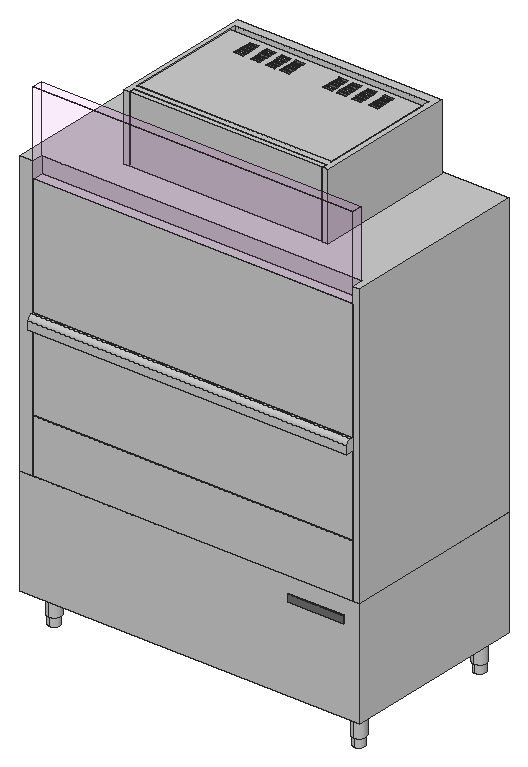
Revit family "PG136CRC", category Equipement spécialisé, Revit 2023
Family settings
  Cote de connecteur circulaire = Utiliser le diamètre
  Type d'élément = Normal
  Numéro OmniClass = 23.40.40.14
  Titre OmniClass = Food Service Equipment
  Basée sur le plan de construction = Non
  Autoriser la découpe dans les vues = Non
  Toujours verticalement = Oui
  Couper avec des vides une fois chargée = Non
  Conserver l'orientation des annotations = Non
  Partagée = Non
  Repère de localisation dans la pièce = Non
Parameters (values of type "6G3171_AA")
  URL catalogo = "https://www.comenda.fr/pdf/docs/Gi/GAMME_GI_2023.pdf"
  URL = "www.comenda.fr"
  Tensione = 400 V
  Temperatura raccomandata per acqua calda = 50 °C
  Show Logo [instance] = yes
  Show Clearance [instance] = yes
  Protezione contro le sovracorrenti = 32 A
  Elévation par défaut = 0 mm
  Profondità = 870 mm
  Pressione minima acqua calda = 2000.0 Pa
  Potenza elettrica = 15000 W
  Peso netto = 270.00 kg
  Numero dei poli = 3
  Modèle = "Gi 1005 R RCD CRC"
  Fabricant = "COMENDA"
  Lunghezza = 1530 mm
  Frequenza = 50 Hz
  Fase = 3
  Diametro raccordo acqua calda = 3/4"
  Diametro dello scarico diretto di acqua = 1 3/8"
  Description = "THREE-PHASE FRONT LOADING POTWASHER  WITH RCD"
  Corrente di funzionamento normale = 23 A
  Assembly Code = ""
  Altezza dello scarico diretto acqua da pavimento finito = 145 mm
  Altezza da terra raccordo acqua calda = 175 mm
  Altezza allacciamento elettrico da pavimento finito = 135 mm
  Altezza = 2190 mm
Types (2, lengths in mm): name | Profondità | Modèle | Description | Altezza
  6G3171_AA | 870 | "Gi 1005 R RCD CRC" | "THREE-PHASE FRONT LOADING POTWASHER  WITH RCD" | 2190
  6G3276_AA | 900 | "Gi 1005 H RCD CRC" | "THREE-PHASE FRONT LOADING POTWASHER WITH RCD" | 2295
Reference planes
  plane 1 "Back": y = 0
  plane 2: z = 0
  plane 3 "Left": x = -30
  plane 4 "Right": x = 1500
  plane 5 "Front": y = -870
  plane 6 "Top": z = 2190
  plane 7: z = 2190
Forms (mm)
  Revolve 1, solid
    sketch origin (60, 0, 0) x (0, 1, 0) y (0, 0, 1)
      loop
        line (-50, 135) -> (-80, 135) -> (-80, 0) -> (-55, 0) -> (-55, 40) -> (-50, 40) -> (-50, 135)
      axis (-80, 0) -> (-80, 135)
    angle from 0 to 360
  Revolve 2, solid
    sketch origin (60, -710, 0) x (0, 1, 0) y (0, 0, 1)
      loop
        line (-20, 135) -> (-50, 135) -> (-50, 0) -> (-25, 0) -> (-25, 40) -> (-20, 40) -> (-20, 135)
      axis (-50, 0) -> (-50, 135)
    angle from 0 to 360
  Revolve 3, solid
    sketch origin (1440, -8.5, 0) x (0, 1, 0) y (0, 0, 1)
      loop
        line (-50, 135) -> (-80, 135) -> (-80, 0) -> (-55, 0) -> (-55, 40) -> (-50, 40) -> (-50, 135)
      axis (-80, 0) -> (-80, 135)
    angle from 0 to 360
  Revolve 4, solid
    sketch origin (1440, -718.5, 0) x (0, 1, 0) y (0, 0, 1)
      loop
        line (-20, 135) -> (-50, 135) -> (-50, 0) -> (-25, 0) -> (-25, 40) -> (-20, 40) -> (-20, 135)
      axis (-50, 0) -> (-50, 135)
    angle from 0 to 360
  Extrusion 5, solid
    sketch origin (0, 0, 721.5) x (1, 0, 0) y (0, 1, 0)
      loop
        line (-30, 0) -> (-30, -840) -> (30, -840) -> (30, -790) -> (1470, -790) -> (1470, -840) -> (1500, -840) -> (1500, 0) -> (-30, 0)
    from -101 to 1168.5
  Extrusion 6, solid
    sketch origin (0, 0, 0) x (1, 0, 0) y (0, 1, 0)
      loop
        line (-30, 0) -> (-30, -840) -> (1500, -840) -> (1500, 0) -> (-30, 0)
    from 135 to 620
  Extrusion 7, solid
    sketch origin (289.25, 0, 0) x (0, 1, 0) y (0, 0, 1)
      loop
        line (-870, 1225) -> (-840, 1225) -> (-840, 1280) -> (-850, 1280)
        arc (-850, 1280) -> (-864.142, 1274.142) -> (-870, 1260) r 20
        line (-870, 1260) -> (-870, 1225)
    from -257.75 to 1179.25
  Extrusion 8, solid
    sketch origin (0, 0, 620.5) x (0, 1, 0) y (1, 0, 0)
      loop
        line (-840, 31.5) -> (-790, 31.5) -> (-790, 1468.5) -> (-840, 1468.5) -> (-840, 31.5)
    from 0 to -244
  Extrusion 9, solid
    sketch origin (0, 0, 911) x (1, 0, 0) y (0, 1, 0)
      loop
        line (31.5, -840) -> (1468.5, -840) -> (1468.5, -790) -> (31.5, -790) -> (31.5, -840)
    from -46 to 369
  Extrusion 10, solid
    sketch origin (0, 0, 1319) x (1, 0, 0) y (0, 1, 0)
      loop
        line (31.5, -840) -> (1468.5, -840) -> (1468.5, -790) -> (31.5, -790) -> (31.5, -840)
    from -39 to 501
  Extrusion 11, solid, visible <- "Show Clearance", detail levels coarse
    sketch origin (30, 0, -46) x (0, 1, 0) y (0, 0, 1)
      loop
        line (-840, 911) -> (-840, 1318)
        arc (-840, 1318) -> (-1127.792, 1198.792) -> (-1247, 911) r 407
        line (-1247, 911) -> (-840, 911)
    from 0 to 1438.5
  Extrusion 12, solid
    sketch origin (1470, -870, 710) x (0, 1, 0) y (0, 0, -1)
      loop
        line (30, -1110) -> (30, -1480) -> (80, -1480) -> (80, -1110) -> (30, -1110)
    from 0 to 1440
  Extrusion 13, void
    sketch origin (0, 0, 135) x (1, 0, 0) y (0, 1, 0)
      loop
        circle (130.011, -624.993) r 9.55
    from 0 to 40
  Extrusion 14, void
    sketch origin (0, 0, 135) x (1, 0, 0) y (0, 1, 0)
      loop
        circle (750, -580) r 17.5
    from 0 to 10
  Extrusion 15, solid
    sketch origin (0, 0, 135) x (0, 1, 0) y (1, 0, 0)
      loop
        circle (-818, 1415) r 4.875
    from 0 to 1
  Extrusion 16, solid
    sketch origin (-834.5, 120.033, 1991.5) x (1, 0, 0) y (0, 1, 0)
      loop
        line (1124.5, -135) -> (1124.5, -775) -> (1149.5, -775) -> (1149.5, -750) -> (2019.5, -750) -> (2019.5, -775) -> (2044.5, -775) -> (2044.5, -135) -> (1124.5, -135)
      loop
        line (2019.5, -725) -> (2019.5, -174.872) -> (1144.5, -174.872) -> (1144.5, -725) -> (2019.5, -725)
    from -101.5 to 198.5
  Extrusion 17, solid
    sketch origin (-834.5, 120.033, 1991.5) x (1, 0, 0) y (0, 1, 0)
      loop
        line (2017.5, -206.872) -> (1151.5, -206.872) -> (1151.5, -723) -> (2017.5, -723) -> (2017.5, -206.872)
    from -101.5 to 198.5
  Extrusion 18, solid
    sketch origin (1185, -629.967, 1991.5) x (-1, 0, 0) y (0, 0, -1)
      loop
        line (868, -198.5) -> (868, 99.5) -> (2, 99.5) -> (2, -198.5) -> (868, -198.5)
    from 0 to 25
  Extrusion 19, solid
    sketch origin (-834.5, 120.033, 2190) x (1, 0, 0) y (0, 1, 0)
      loop
        line (1260.948, -234.377) -> (1260.948, -244.376) -> (1300.948, -244.376) -> (1300.948, -234.377) -> (1260.948, -234.377)
      loop
        line (1260.948, -254.377) -> (1260.948, -264.377) -> (1300.948, -264.377) -> (1300.948, -254.377) -> (1260.948, -254.377)
      loop
        line (1260.948, -274.377) -> (1260.948, -284.377) -> (1300.948, -284.377) -> (1300.948, -274.377) -> (1260.948, -274.377)
      loop
        line (1260.948, -294.377) -> (1260.948, -304.377) -> (1300.948, -304.377) -> (1300.948, -294.377) -> (1260.948, -294.377)
      loop
        line (1260.948, -314.377) -> (1260.948, -324.377) -> (1300.948, -324.377) -> (1300.948, -314.377) -> (1260.948, -314.377)
      loop
        line (1335.948, -234.377) -> (1335.948, -244.376) -> (1375.948, -244.376) -> (1375.948, -234.377) -> (1335.948, -234.377)
      loop
        line (1335.948, -254.377) -> (1335.948, -264.377) -> (1375.948, -264.377) -> (1375.948, -254.377) -> (1335.948, -254.377)
      loop
        line (1335.948, -274.377) -> (1335.948, -284.377) -> (1375.948, -284.377) -> (1375.948, -274.377) -> (1335.948, -274.377)
      loop
        line (1335.948, -294.377) -> (1335.948, -304.377) -> (1375.948, -304.377) -> (1375.948, -294.377) -> (1335.948, -294.377)
      loop
        line (1335.948, -314.377) -> (1335.948, -324.377) -> (1375.948, -324.377) -> (1375.948, -314.377) -> (1335.948, -314.377)
      loop
        line (1405.948, -234.377) -> (1405.948, -244.376) -> (1445.948, -244.376) -> (1445.948, -234.377) -> (1405.948, -234.377)
      loop
        line (1405.948, -254.377) -> (1405.948, -264.377) -> (1445.948, -264.377) -> (1445.948, -254.377) -> (1405.948, -254.377)
      loop
        line (1405.948, -274.377) -> (1405.948, -284.377) -> (1445.948, -284.377) -> (1445.948, -274.377) -> (1405.948, -274.377)
      loop
        line (1405.948, -294.377) -> (1405.948, -304.377) -> (1445.948, -304.377) -> (1445.948, -294.377) -> (1405.948, -294.377)
      loop
        line (1405.948, -314.377) -> (1405.948, -324.377) -> (1445.948, -324.377) -> (1445.948, -314.377) -> (1405.948, -314.377)
      loop
        line (1466.948, -234.377) -> (1466.948, -244.376) -> (1506.948, -244.376) -> (1506.948, -234.377) -> (1466.948, -234.377)
      loop
        line (1466.948, -254.377) -> (1466.948, -264.377) -> (1506.948, -264.377) -> (1506.948, -254.377) -> (1466.948, -254.377)
      loop
        line (1466.948, -274.377) -> (1466.948, -284.377) -> (1506.948, -284.377) -> (1506.948, -274.377) -> (1466.948, -274.377)
      loop
        line (1466.948, -294.377) -> (1466.948, -304.377) -> (1506.948, -304.377) -> (1506.948, -294.377) -> (1466.948, -294.377)
      loop
        line (1466.948, -314.377) -> (1466.948, -324.377) -> (1506.948, -324.377) -> (1506.948, -314.377) -> (1466.948, -314.377)
      loop
        line (1908.148, -234.377) -> (1868.148, -234.377) -> (1868.148, -244.376) -> (1908.148, -244.376) -> (1908.148, -234.377)
      loop
        line (1908.148, -254.377) -> (1868.148, -254.377) -> (1868.148, -264.377) -> (1908.148, -264.377) -> (1908.148, -254.377)
      loop
        line (1908.148, -274.377) -> (1868.148, -274.377) -> (1868.148, -284.377) -> (1908.148, -284.377) -> (1908.148, -274.377)
      loop
        line (1908.148, -294.377) -> (1868.148, -294.377) -> (1868.148, -304.377) -> (1908.148, -304.377) -> (1908.148, -294.377)
      loop
        line (1908.148, -314.377) -> (1868.148, -314.377) -> (1868.148, -324.377) -> (1908.148, -324.377) -> (1908.148, -314.377)
      loop
        line (1833.148, -234.377) -> (1793.148, -234.377) -> (1793.148, -244.376) -> (1833.148, -244.376) -> (1833.148, -234.377)
      loop
        line (1833.148, -254.377) -> (1793.148, -254.377) -> (1793.148, -264.377) -> (1833.148, -264.377) -> (1833.148, -254.377)
      loop
        line (1833.148, -274.377) -> (1793.148, -274.377) -> (1793.148, -284.377) -> (1833.148, -284.377) -> (1833.148, -274.377)
      loop
        line (1833.148, -294.377) -> (1793.148, -294.377) -> (1793.148, -304.377) -> (1833.148, -304.377) -> (1833.148, -294.377)
      loop
        line (1833.148, -314.377) -> (1793.148, -314.377) -> (1793.148, -324.377) -> (1833.148, -324.377) -> (1833.148, -314.377)
      loop
        line (1763.148, -234.377) -> (1723.148, -234.377) -> (1723.148, -244.376) -> (1763.148, -244.376) -> (1763.148, -234.377)
      loop
        line (1763.148, -254.377) -> (1723.148, -254.377) -> (1723.148, -264.377) -> (1763.148, -264.377) -> (1763.148, -254.377)
      loop
        line (1763.148, -274.377) -> (1723.148, -274.377) -> (1723.148, -284.377) -> (1763.148, -284.377) -> (1763.148, -274.377)
      loop
        line (1763.148, -294.377) -> (1723.148, -294.377) -> (1723.148, -304.377) -> (1763.148, -304.377) -> (1763.148, -294.377)
      loop
        line (1763.148, -314.377) -> (1723.148, -314.377) -> (1723.148, -324.377) -> (1763.148, -324.377) -> (1763.148, -314.377)
      loop
        line (1702.148, -234.377) -> (1662.148, -234.377) -> (1662.148, -244.376) -> (1702.148, -244.376) -> (1702.148, -234.377)
      loop
        line (1702.148, -254.377) -> (1662.148, -254.377) -> (1662.148, -264.377) -> (1702.148, -264.377) -> (1702.148, -254.377)
      loop
        line (1702.148, -274.377) -> (1662.148, -274.377) -> (1662.148, -284.377) -> (1702.148, -284.377) -> (1702.148, -274.377)
      loop
        line (1702.148, -294.377) -> (1662.148, -294.377) -> (1662.148, -304.377) -> (1702.148, -304.377) -> (1702.148, -294.377)
      loop
        line (1702.148, -314.377) -> (1662.148, -314.377) -> (1662.148, -324.377) -> (1702.148, -324.377) -> (1702.148, -314.377)
    from 0 to 0.5
  Extrusion 20, solid
    sketch origin (647.319, -878.417, -47.528) x (-1, 0, 0) y (0, 0, 1)
      loop
        line (-789.783, 603.036) -> (-789.783, 568.036) -> (-539.783, 568.036) -> (-539.783, 603.036) -> (-789.783, 603.036)
    from 28.417 to 30
Cuts and joins
  Extrusion 13, Extrusion 14 cuts Extrusion 5
  Extrusion 13, Extrusion 14 cuts Extrusion 6
  joined: Extrusion 5, Extrusion 6
Lines and regions (mm)
  symbolic lines, style "200-EquipBorder-2D"
    curve 1: line (-30, 0, 0) -> (1500, 0, 0)
    curve 2: line (-30, -840, 0) -> (-30, 0, 0)
    curve 3: line (1500, -840, 0) -> (-30, -840, 0)
    curve 4: line (1500, 0, 0) -> (1500, -840, 0)
    curve 11: line (30, -840, 0) -> (30, -870, 0)
    curve 12: line (30, -870, 0) -> (1468.5, -870, 0)
    curve 13: line (1468.5, -870, 0) -> (1468.5, -840, 0)
  symbolic lines, style "QF_Door-Drawer Clearances", visible <- "Show Clearance"
    curve 5: line (30, -840, 0) -> (30, -1247, 0)
    curve 6: line (1468.5, -1247, 0) -> (1468.5, -840, 0)
    curve 7: line (30, -1247, 0) -> (1468.5, -1247, 0)
  symbolic lines, style "200-EquipInternal-2D"
    curve 8: circle (817, -435, 0) r 150 normal (0, 0, 1)
    curve 9: line (30, -840, 0) -> (30, -790, 0)
    curve 10: line (30, -790, 0) -> (1468.5, -790, 0)
    curve 14: line (1468.5, -790, 0) -> (1468.5, -840, 0)
  symbolic lines, style "200-InsPoint-3D"
    curve 15: circle (-30, 0, 0) r 0.2 normal (0, 0, 1)
    curve 16: circle (1500, 0, 0) r 0.2 normal (0, 0, 1)
    curve 17: circle (-30, -840, 0) r 0.2 normal (0, 0, 1)
    curve 18: circle (1500, -840, 0) r 0.2 normal (0, 0, 1)
Dimensions and locks
  "Lunghezza": plane 3 "Left" to plane 4 "Right"
  "Profondità": plane 5 "Front" to plane 1 "Back"
  "Altezza": plane 6 "Top" to level
  cut or joined group of Extrusion 5, Extrusion 6, Extrusion 13, Extrusion 14 to Extrusion 10 = 70 mm
  plane 4 "Right" to plane 3 "Left" = 1530 mm
  plane 6 "Top" to level = 2190 mm
  locked: cut or joined group of Extrusion 5, Extrusion 6, Extrusion 13, Extrusion 14 to level at 135
  locked: cut or joined group of Extrusion 5, Extrusion 6, Extrusion 13, Extrusion 14 to level at 620
  locked: Extrusion 9 to level at 865
  Extrusion 16 sketch curve to Extrusion 16 sketch curve = 920 mm
  locked: Extrusion 16 sketch curve to Extrusion 16 sketch curve at 640
  locked: Extrusion 16 sketch curve to Extrusion 16 sketch curve at 25  (x3)
  Extrusion 16 sketch curve to Extrusion 16 sketch curve = 20 mm
  locked: plane 6 "Top" to Extrusion 10 at 910
  locked: plane 6 "Top" to cut or joined group of Extrusion 5, Extrusion 6, Extrusion 13, Extrusion 14 at 300
  locked: plane 6 "Top" to Extrusion 10 at 370
  "Altezza": plane 7 to level
  aligned and locked: level to plane 2
  aligned and locked: Extrusion 7 sketch curve to Extrusion 9
  aligned and locked: Extrusion 12 sketch curve to Extrusion 10  (x2)
  aligned and locked: cut or joined group of Extrusion 5, Extrusion 6, Extrusion 13, Extrusion 14 to Extrusion 12 sketch curve
  aligned and locked: Extrusion 12 to cut or joined group of Extrusion 5, Extrusion 6, Extrusion 13, Extrusion 14
  aligned and locked: Extrusion 8 sketch curve to Extrusion 9
  aligned and locked: Extrusion 7 to Extrusion 9
  aligned and locked: Extrusion 9 to Extrusion 7
  aligned and locked: Extrusion 16 to Extrusion 17  (x2)
  aligned and locked: Extrusion 18 to Extrusion 16  (x2)
  aligned and locked: plane 6 "Top" to Extrusion 18
  aligned and locked: plane 6 "Top" to Extrusion 16
  aligned and locked: Extrusion 16 to cut or joined group of Extrusion 5, Extrusion 6, Extrusion 13, Extrusion 14
  aligned and locked: Extrusion 10 to Extrusion 7
  aligned and locked: plane 6 "Top" to Extrusion 12
Automatic sketch dimensions
  Revolve 1 sketch curve to level = 0 mm
  plane 1 "Back" to Revolve 1 sketch curve = 80 mm
  Revolve 1 sketch curve to Revolve 1 sketch curve = 25 mm
  Revolve 1 sketch curve to Revolve 1 sketch curve = 5 mm
  level to Revolve 1 sketch curve = 40 mm
  Revolve 1 sketch curve to Revolve 1 sketch curve = 95 mm
  Revolve 1 sketch curve to Revolve 1 sketch curve = 0 mm
  Revolve 1 sketch curve to Revolve 1 sketch curve = 35 mm
  Revolve 1 sketch curve to Revolve 1 sketch curve = 15 mm
  Revolve 2 sketch curve to level = 0 mm
  plane 5 "Front" to Revolve 2 sketch curve = 110 mm
  Revolve 2 sketch curve to Revolve 2 sketch curve = 25 mm
  Revolve 2 sketch curve to Revolve 2 sketch curve = 5 mm
  level to Revolve 2 sketch curve = 40 mm
  Revolve 2 sketch curve to Revolve 2 sketch curve = 95 mm
  Revolve 2 sketch curve to Revolve 2 sketch curve = 0 mm
  Revolve 2 sketch curve to Revolve 2 sketch curve = 35 mm
  Revolve 2 sketch curve to Revolve 2 sketch curve = 15 mm
  Revolve 3 sketch curve to level = 0 mm
  plane 1 "Back" to Revolve 3 sketch curve = 88.5 mm
  Revolve 3 sketch curve to Revolve 3 sketch curve = 25 mm
  Revolve 3 sketch curve to Revolve 3 sketch curve = 5 mm
  level to Revolve 3 sketch curve = 40 mm
  Revolve 3 sketch curve to Revolve 3 sketch curve = 95 mm
  Revolve 3 sketch curve to Revolve 3 sketch curve = 0 mm
  Revolve 3 sketch curve to Revolve 3 sketch curve = 35 mm
  Revolve 3 sketch curve to Revolve 3 sketch curve = 15 mm
  Revolve 4 sketch curve to level = 0 mm
  plane 5 "Front" to Revolve 4 sketch curve = 101.5 mm
  Revolve 4 sketch curve to Revolve 4 sketch curve = 25 mm
  Revolve 4 sketch curve to Revolve 4 sketch curve = 5 mm
  level to Revolve 4 sketch curve = 40 mm
  Revolve 4 sketch curve to Revolve 4 sketch curve = 95 mm
  Revolve 4 sketch curve to Revolve 4 sketch curve = 0 mm
  Revolve 4 sketch curve to Revolve 4 sketch curve = 35 mm
  Revolve 4 sketch curve to Revolve 4 sketch curve = 15 mm
  plane 1 "Back" to Extrusion 5 sketch curve = 0 mm
  Extrusion 5 sketch curve to plane 3 "Left" = 0 mm
  Extrusion 5 sketch curve to plane 4 "Right" = 0 mm
  plane 3 "Left" to Extrusion 5 sketch curve = 60 mm
  plane 4 "Right" to Extrusion 5 sketch curve = 30 mm
  plane 5 "Front" to Extrusion 5 sketch curve = 80 mm
  plane 5 "Front" to Extrusion 5 sketch curve = 30 mm  (x2)
  Extrusion 6 sketch curve to plane 3 "Left" = 0 mm
  Extrusion 6 sketch curve to plane 4 "Right" = 0 mm
  plane 1 "Back" to Extrusion 6 sketch curve = 0 mm
  plane 5 "Front" to Extrusion 6 sketch curve = 30 mm
  Extrusion 7 sketch curve to plane 5 "Front" = 0 mm
  Extrusion 7 sketch curve to Extrusion 7 sketch curve = 20 mm
  Extrusion 7 sketch curve to Extrusion 7 sketch curve = 30 mm
  Extrusion 7 sketch curve to Extrusion 7 sketch curve = 35 mm
  Extrusion 8 sketch curve to Extrusion 5 = 0 mm  (x2)
  Extrusion 8 sketch curve to Extrusion 5 = 1.5 mm
  plane 3 "Left" to Extrusion 9 sketch curve = 61.5 mm
  plane 4 "Right" to Extrusion 9 sketch curve = 31.5 mm
  plane 5 "Front" to Extrusion 9 sketch curve = 30 mm
  Extrusion 9 sketch curve to Extrusion 9 sketch curve = 50 mm
  plane 3 "Left" to Extrusion 10 sketch curve = 61.5 mm
  plane 4 "Right" to Extrusion 10 sketch curve = 31.5 mm
  plane 5 "Front" to Extrusion 10 sketch curve = 30 mm
  Extrusion 10 sketch curve to Extrusion 10 sketch curve = 50 mm
  Extrusion 11 sketch curve to plane 5 "Front" = 377 mm
  plane 5 "Front" to Extrusion 11 sketch curve = 30 mm
  Extrusion 11 sketch curve to Extrusion 11 sketch curve = 0 mm
  level to Extrusion 11 sketch curve = 865 mm
  Extrusion 6 to Extrusion 13 sketch curve = 160.011 mm
  Extrusion 6 to Extrusion 13 sketch curve = 215.007 mm
  Extrusion 6 to Extrusion 14 sketch curve = 260 mm
  Extrusion 6 to Extrusion 14 sketch curve = 750 mm
  Extrusion 6 to Extrusion 15 sketch curve = 22 mm
  Extrusion 6 to Extrusion 15 sketch curve = 85 mm
  plane 5 "Front" to Extrusion 16 sketch curve = 215.033 mm  (x2)
  plane 3 "Left" to Extrusion 16 sketch curve = 320 mm
  Extrusion 16 sketch curve to Extrusion 16 sketch curve = 0 mm
  Extrusion 16 sketch curve to Extrusion 16 sketch curve = 25 mm
  Extrusion 16 sketch curve to Extrusion 16 sketch curve = 39.872 mm
  plane 1 "Back" to Extrusion 17 sketch curve = 86.839 mm
  plane 3 "Left" to Extrusion 17 sketch curve = 347 mm
  plane 4 "Right" to Extrusion 17 sketch curve = 317 mm
  plane 5 "Front" to Extrusion 17 sketch curve = 267.033 mm
  Extrusion 18 sketch curve to Extrusion 16 = 2 mm
  Extrusion 16 to Extrusion 18 sketch curve = 2 mm  (x2)
  Extrusion 16 to Extrusion 18 sketch curve = 0 mm
  Extrusion 19 sketch curve to Extrusion 17 = 27.505 mm  (x5)
  Extrusion 19 sketch curve to Extrusion 17 = 109.448 mm
  Extrusion 19 sketch curve to Extrusion 19 sketch curve = 0 mm  (x58)
  Extrusion 19 sketch curve to Extrusion 19 sketch curve = 40 mm  (x10)
  Extrusion 19 sketch curve to Extrusion 19 sketch curve = 35 mm  (x4)
  Extrusion 19 sketch curve to Extrusion 19 sketch curve = 30 mm  (x4)
  Extrusion 19 sketch curve to Extrusion 19 sketch curve = 21 mm  (x4)
  Extrusion 19 sketch curve to Extrusion 19 sketch curve = 155.2 mm
  Extrusion 19 sketch curve to Extrusion 19 sketch curve = 10 mm  (x72)
  Extrusion 19 sketch curve to Extrusion 17 = 37.505 mm
  plane 6 "Top" to Extrusion 12 sketch curve = 0 mm
  curve 17 to plane 3 "Left" = 0 mm
  curve 2 to plane 3 "Left" = 0 mm
  plane 1 "Back" to curve 15 = 0 mm
  curve 15 to plane 3 "Left" = 0 mm
  curve 12 to plane 5 "Front" = 0 mm
  curve 4 to plane 4 "Right" = 0 mm
  plane 1 "Back" to curve 16 = 0 mm
  curve 16 to plane 4 "Right" = 0 mm
  curve 18 to plane 4 "Right" = 0 mm
  plane 1 "Back" to curve 2 = 0 mm
  plane 3 "Left" to curve 12 = 60 mm
  plane 3 "Left" to curve 5 = 60 mm
  curve 10 to curve 5 = 0 mm
  plane 4 "Right" to curve 8 = 683 mm
  plane 4 "Right" to curve 7 = 31.5 mm
  plane 4 "Right" to curve 10 = 31.5 mm
  curve 12 to curve 14 = 0 mm
  curve 5 to plane 5 "Front" = 377 mm
  plane 5 "Front" to curve 4 = 30 mm
  curve 18 to curve 3 = 0 mm
  curve 17 to curve 2 = 0 mm
  curve 6 to curve 10 = 50 mm
  plane 1 "Back" to curve 8 = 435 mm
  plane 4 "Right" to Extrusion 20 sketch curve = 62.898 mm
  Extrusion 20 sketch curve to Extrusion 20 sketch curve = 250 mm
  level to Extrusion 20 sketch curve = 520.508 mm
  Extrusion 20 sketch curve to Extrusion 20 sketch curve = 35 mm
  radius of Extrusion 13 sketch curve = 9.55 mm
  radius of Extrusion 14 sketch curve = 17.5 mm
  radius of Extrusion 15 sketch curve = 4.875 mm
  radius of curve 8 = 150 mm
  radius of curve 15 = 0.2 mm
  radius of curve 16 = 0.2 mm
  radius of curve 17 = 0.2 mm
  radius of curve 18 = 0.2 mm
Connectors
  electrical at (1415, -818, 135), driven by "Tensione", driven by "Potenza elettrica", driven by "Numero dei poli"
    settings: on Extrusion 15, index 1, voltage 400 V, apparent load 15000 VA, apparent load phase1 0 VA, apparent load phase2 0 VA, apparent load phase3 0 VA, power factor 1, load classification "Altro", number of poles 3, system type 30, power factor state 1, is connector primary yes, connector utility no, sub classification motor no, connector description "QF_ELECTRICAL_CONNECTION"
  piping at (750, -580, 145), diameter 34.925, driven by "Diametro dello scarico diretto di acqua"
    settings: on cut or joined group of Extrusion 5, Extrusion 6, Extrusion 13, Extrusion 14, index 2, connector inside diameter 24", connector length 0 mm, flow factor 0, pipe flow 0.0 L/s, pressure drop 0.0 Pa, fitting loss kfactor 0, connector angle 0.00°, fixture units 0, engagement length 0 mm, angle of deflection 0.00°, flow configuration 0, flow direction 2, fitting loss method 0, system type 16, joint type 0, gender type 0, connector reference index -1, connector utility 0, adjustable connector no, is connector primary yes, connector description "QF_DRAIN_CONNECTION"
  piping at (130.011, -624.993, 175), diameter 19.05, driven by "Diametro raccordo acqua calda"
    settings: on cut or joined group of Extrusion 5, Extrusion 6, Extrusion 13, Extrusion 14, index 3, connector inside diameter 24", connector length 0 mm, flow factor 0, pipe flow 0.0 L/s, pressure drop 0.0 Pa, fitting loss kfactor 0, connector angle 0.00°, fixture units 0, engagement length 0 mm, angle of deflection 0.00°, flow configuration 0, flow direction 1, fitting loss method 0, system type 19, joint type 0, gender type 0, connector reference index -1, connector utility 0, adjustable connector no, is connector primary no, connector description "QF_WATER_CONNECTION"
